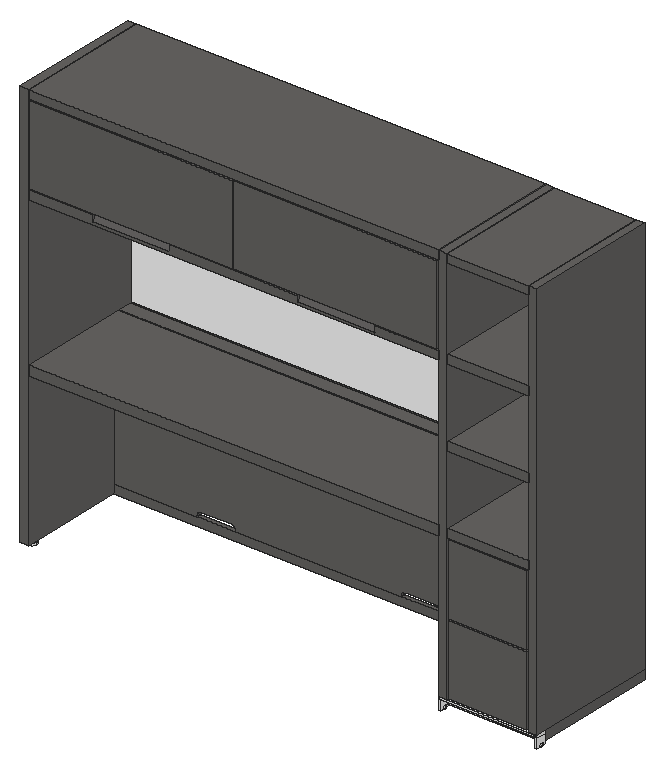
Revit family "Storage-Wall-Teknion-ZXRO_74_High_With_Lights-R2011", category Furniture Systems, Revit 2013
Parameters (values of type "(See Type Catalog)")
  Working Wall Finish [instance] = Glass - Teknion - K6 - White Backpainted
  Width = 92.642"
  Warranty = "http://www.teknionstudio.com/pdfs/Teknion%20Studio%20Warranty.pdf"
  Wall Unit Finish [instance] = Veneer - Teknion - P7 - Grey Oak
  Voltage = 120 V
  Unit Weight = 685.00 lbf
  URL = "www.teknionstudio.com"
  Storage Tower = Storage-Unit-Teknion-Tower : Upper Shelves & File/File Pedestal
  Series = "B&B Italia"
  Product Page URL = "http://www.teknionstudio.com/acexecutive/"
  Product Line = "AC Executive"
  Product Documentation Link = "http://www.teknionstudio.com/pricing/ac_executive_storage_walls_ppg.pdf"
  Power Factor = 1
  Part Number = "ZXRO"
  Number of Poles = 1
  Model = ""
  Manufacturer Phone = "919-464-2920"
  Manufacturer Fax = "919-464-2927"
  Manufacturer Email = "customersupport@teknionstudio.com"
  Manufacturer Address = "3940 US 70 Business HWY West, Clayton, NC 27520"
  Manufacturer = "Teknion Studio"  # constant formula
  Low Emitting Material = yes
  Low Emitting Finish = yes
  Height = 73.81394"
  Description = ""
  Depth = 24"
  Assembly Code = "E2020200"
  Apparent Load = 22.8 VA
Reference planes (in)
  plane 1 "Center F/B": y = 0
  plane 2: z = 0
  plane 3 "Center L/R": x = 0
  plane 4 "Left": x = -46.321
  plane 5 "Right": x = 46.321
  plane 6 "Back": y = 12
  plane 7 "Front": y = -12
  plane 8 "Top": z = 73.81394
  plane 9: x = 28.60446
  plane 10: z = 29.68402
  plane 11: z = 56.1289
  plane 12: x = -44.7815
  plane 13: z = 2.1289
  plane 14: x = -8.08858
  plane 15 "Foot Centerline": y = -11.2126
  plane 16 "Foot Centerline Front": y = -10.22835
  plane 17 "Foot Centerline Back": y = 10.22835
  plane 18: y = -8.484
Forms (in)
  Sweep 1, solid, material "Veneer - Teknion - P7 - Grey Oak" <- "Wall Unit Finish"
    path origin (0, 0, 15.40683) x (-1, 0, 0) y (0, -1, 0)
      loop
        line (0, -12) -> (0, 12)
    profile origin (0, 0, 15.40683) x (1, 0, 0) y (0, 0, 1)
      loop
        line (-46.321, -14.81732) -> (-44.7815, -14.81732) -> (-44.7815, 58.4071) -> (-46.321, 58.4071) -> (-46.321, -14.81732)
  Sweep 2, solid, material "Veneer - Teknion - P7 - Grey Oak" <- "Wall Unit Finish"
    path origin (0, 0, 0) x (1, 0, 0) y (0, 0, 1)
      loop
        line (-44.7815, 29.68402) -> (28.60446, 29.68402)
    profile origin (-8.08852, 0, 29.68402) x (0, 0, 1) y (0, -1, 0)
      loop
        line (0, 12) -> (-1.7638, 12) -> (-1.7638, -7.11393) -> (-5.30827, -7.11393) -> (-5.30827, -7.08268) -> (-27.55512, -7.08268) -> (-27.55512, -7.11393) -> (-29.0945, -7.11393) -> (-29.0945, -7.80668) -> (-5.30828, -7.80668) -> (-5.30828, -12) -> (44.12992, -12) -> (44.12992, 12) -> (42.59022, 12) -> (42.59022, 11.2126) -> (27.98392, 11.2126) -> (27.98392, 12) -> (26.44488, 12) -> (26.44488, -10.94094) -> (0, -10.94094) -> (0, -10.90969) -> (-0.72441, -10.90969) -> (-0.72441, -10.56693) -> (0, -10.56693) -> (0, -8.05709) -> (-0.72441, -8.05709) -> (-0.72441, -7.80709) -> (0, -7.80709) -> (0, 12)
  Sweep 3, solid, material "Veneer - Teknion - P7 - Grey Oak" <- "Wall Unit Finish"
    path origin (0, 0, 15.40683) x (-1, 0, 0) y (0, -1, 0)
      loop
        line (0, 12) -> (0, 11.276)
    profile origin (0, -11.638, 15.40683) x (-1, 0, 0) y (0, 0, 1)
      loop
        line (44.5315, 42.5111) -> (44.5315, 56.6174) -> (8.21358, 56.6174) -> (8.21358, 42.5111) -> (44.5315, 42.5111)
      loop
        line (7.96358, 56.6174) -> (-28.35446, 56.6174) -> (-28.35446, 42.5111) -> (7.96358, 42.5111) -> (7.96358, 56.6174)
  Sweep 4, void
    path origin (0, 0, 0) x (1, 0, 0) y (0, 0, 1)
      loop
        line (-33.3248, 56.1289) -> (-19.54528, 56.1289)
    profile origin (-26.43504, 0, 56.1289) x (0, 0, 1) y (0, -1, 0)
      loop
        line (1.53937, 12) -> (0.43699, 12) -> (1.53937, 11.52755) -> (1.53937, 12)
  Sweep 5, void
    path origin (0, 0, 0) x (1, 0, 0) y (0, 0, 1)
      loop
        line (3.36811, 56.1289) -> (17.14764, 56.1289)
    profile origin (10.25787, 0, 56.1289) x (0, 0, 1) y (0, -1, 0)
      loop
        line (1.53937, 11.52755) -> (1.53937, 12) -> (0.43699, 12) -> (1.53937, 11.52755)
  Sweep 6, void
    path origin (0, 0, 15.40683) x (-1, 0, 0) y (0, -1, 0)
      loop
        line (0, -7.80668) -> (0, -7.08268)
    profile origin (0, 7.44468, 15.40683) x (1, 0, 0) y (0, 0, 1)
      loop
        line (13.68307, 8.96892) -> (6.79331, 8.96892) -> (6.79331, 8.10396)
        arc (6.79331, 8.10396) -> (7.02393, 7.54718) -> (7.58071, 7.31655) r 0.7874
        line (7.58071, 7.31655) -> (12.89567, 7.31655)
        arc (12.89567, 7.31655) -> (13.45245, 7.54718) -> (13.68307, 8.10396) r 0.7874
        line (13.68307, 8.10396) -> (13.68307, 8.96892)
      loop
        line (6.79331, -13.27793) -> (13.68307, -13.27793) -> (13.68307, -13.12045)
        arc (13.68307, -13.12045) -> (13.46398, -12.59152) -> (12.93504, -12.37242) r 0.74803
        line (12.93504, -12.37242) -> (7.54134, -12.37242)
        arc (7.54134, -12.37242) -> (7.0124, -12.59152) -> (6.79331, -13.12045) r 0.74803
        line (6.79331, -13.12045) -> (6.79331, -13.27793)
      loop
        line (-29.86024, 8.96892) -> (-29.86024, 8.10396)
        arc (-29.86024, 8.10396) -> (-29.62961, 7.54718) -> (-29.07283, 7.31655) r 0.7874
        line (-29.07283, 7.31655) -> (-23.75787, 7.31655)
        arc (-23.75787, 7.31655) -> (-23.2011, 7.54718) -> (-22.97047, 8.10396) r 0.7874
        line (-22.97047, 8.10396) -> (-22.97047, 8.96892) -> (-29.86024, 8.96892)
      loop
        line (-22.97047, -13.27793) -> (-22.97047, -13.12045)
        arc (-22.97047, -13.12045) -> (-23.18957, -12.59152) -> (-23.7185, -12.37242) r 0.74803
        line (-23.7185, -12.37242) -> (-29.1122, -12.37242)
        arc (-29.1122, -12.37242) -> (-29.64114, -12.59152) -> (-29.86024, -13.12045) r 0.74803
        line (-29.86024, -13.12045) -> (-29.86024, -13.27793) -> (-22.97047, -13.27793)
  Revolve 7, solid, material "Metal - Teknion - C6 - Chrome"
    sketch origin (0, -10.22835, 0) x (0, 0, 1) y (1, 0, 0)
      loop
        line (0, -45.55118) -> (0, -46.28917) -> (0.23622, -46.28917) -> (0.23622, -45.83352) -> (0.58951, -45.83352) -> (0.58951, -45.55118) -> (0, -45.55118)
      axis (0, -45.55118) -> (0.58951, -45.55118)
    angle from 0 to 360
  Revolve 8, solid, material "Metal - Teknion - C6 - Chrome"
    sketch origin (0, 10.22835, 0) x (0, 0, 1) y (1, 0, 0)
      loop
        line (0, -45.55118) -> (0, -46.28917) -> (0.23622, -46.28917) -> (0.23622, -45.83352) -> (0.58951, -45.83352) -> (0.58951, -45.55118) -> (0, -45.55118)
      axis (0, -45.55118) -> (0.58951, -45.55118)
    angle from 0 to 360
Cuts and joins
  Sweep 4, Sweep 5, Sweep 6 cuts Sweep 2
Lines and regions (in)
  Masking region 1
    outline origin (0, 0, 15.40683) x (-1, 0, 0) y (0, -1, 0)
      loop
        line (46.321, -12) -> (46.321, 12) -> (-28.60446, 12) -> (-28.60446, -12) -> (46.321, -12)
  symbolic lines, style "Elevation Swing"
    curve 1: line (-44.7815, -12, 57.66827) -> (-26.43504, -12, 72.02424)
    curve 2: line (-8.08858, -12, 57.66832) -> (-26.43504, -12, 72.02424)
    curve 3: line (-8.08858, 0, 57.66832) -> (10.25794, 0, 72.19583)
    curve 4: line (10.25794, 0, 72.19583) -> (28.60446, 0, 57.66827)
  symbolic lines, detail levels medium+fine
    curve 5: line (-44.7815, 12, 15.40683) -> (-44.7815, -12, 15.40683)
  symbolic lines, style "FurnitureSystemsHiddenLines", detail levels fine
    curve 6: line (28.60446, -11.276, 15.40683) -> (-44.7815, -11.276, 15.40683)
Dimensions and locks (in)
  equal spacing: plane 4 "Left", plane 3 "Center L/R", plane 5 "Right"
  "Width": plane 4 "Left" to plane 5 "Right"
  equal spacing: plane 6 "Back", plane 1 "Center F/B", plane 7 "Front"
  "Depth": plane 6 "Back" to plane 7 "Front"
  locked: plane 9 to plane 5 "Right" at 17.71654
  "Height": plane 8 "Top" to plane 2
  locked: plane 10 to plane 2 at 29.68402
  locked: plane 11 to plane 10 at 26.44488
  locked: plane 13 to plane 2 at 2.1289
  locked: plane 7 "Front" to plane 15 "Foot Centerline" at 0.7874
  locked: plane 13 to Sweep 2 sketch curve at 1.53939
  locked: plane 10 to Sweep 2 sketch curve at 1.7638
  locked: Sweep 1 sketch curve to plane 2 at 0.58951
  locked: plane 14 to plane 3 "Center L/R" at 8.08858
  locked: plane 7 "Front" to Sweep 3 sketch curve at 0.724
  plane 8 "Top" to Sweep 3 sketch curve to Sweep 3 sketch curve = 1.7897", 14.1063"  (x2)
  Sweep 3 sketch curve to plane 3 "Center L/R" to Sweep 3 sketch curve to Sweep 3 sketch curve to Sweep 3 sketch curve = 28.35446", 7.96358", 1/4", 36.31791"
  Sweep 4 sketch curve to Sweep 4 sketch curve to plane 4 "Left" = 13.77953" locked, 12.9962" locked
  locked: Sweep 4 sketch curve to plane 11 at 1.53937
  locked: Sweep 4 sketch curve to plane 11 at 0.43699
  locked: plane 7 "Front" to Sweep 4 sketch curve at 0.47245
  Sweep 5 sketch curve to Sweep 5 sketch curve to plane 11 = 1.10238" locked, 0.43699" locked
  locked: plane 7 "Front" to Sweep 5 sketch curve at 0.47245
  locked: Sweep 6 sketch curve to plane 13 at 0.90551  (x2)
  Sweep 6 sketch curve to Sweep 6 sketch curve to plane 3 "Center L/R" = 6.88976" locked, 6.79331" locked  (x2)
  plane 10 to Sweep 6 sketch curve to Sweep 6 sketch curve = 5.30827" locked, 1 167/256" locked  (x2)
  plane 6 "Back" to Sweep 6 sketch curve to Sweep 6 sketch curve = 4.19332" locked, 0.724" locked
  locked: Revolve 7 sketch curve to plane 4 "Left" at 0.76982
  Revolve 7 sketch curve to Revolve 7 sketch curve to plane 2 = 0.35329" locked, 0.23622" locked
  locked: Revolve 7 sketch curve to plane 4 "Left" at 0.03183
  locked: Revolve 8 sketch curve to plane 4 "Left" at 0.76982
  Revolve 8 sketch curve to Revolve 8 sketch curve to plane 2 = 0.35329" locked, 0.23622" locked
  locked: Revolve 8 sketch curve to plane 4 "Left" at 0.03183
  equal spacing: plane 14, curve 2, plane 12
  equal spacing: plane 9, curve 4, plane 14
  locked: plane 7 "Front" to curve 6 at 0.724
  locked: plane 6 "Back" to plane 17 "Foot Centerline Back" at 1.77165
  locked: plane 7 "Front" to plane 16 "Foot Centerline Front" at 1.77165
  locked: plane 4 "Left" to plane 12 at 1.5395
  locked: plane 7 "Front" to plane 18 at 3.516
  locked: Sweep 6 sketch curve to Sweep 6 sketch curve at 6.88976  (x2)
  locked: Sweep 6 sketch curve to plane 3 "Center L/R" at 22.97047
  locked: plane 3 "Center L/R" to Sweep 6 sketch curve at 22.97047
  aligned and locked: level to plane 2
  aligned and locked: nested 1 to plane 5 "Right"
  aligned and locked: plane 6 "Back" to Sweep 1 sketch curve
  aligned and locked: plane 7 "Front" to Sweep 1 sketch curve
  aligned and locked: Sweep 1 sketch curve to plane 3 "Center L/R"
  aligned and locked: Sweep 1 sketch curve to plane 8 "Top"
  aligned and locked: plane 4 "Left" to Sweep 1 sketch curve  (x2)
  aligned and locked: plane 12 to Sweep 2 sketch curve
  aligned and locked: plane 9 to Sweep 2 sketch curve
  aligned and locked: Sweep 2 sketch curve to plane 10  (x4)
  aligned and locked: Sweep 2 sketch curve to plane 7 "Front"
  aligned and locked: plane 6 "Back" to Sweep 2 sketch curve
  aligned and locked: plane 3 "Center L/R" to Sweep 3 sketch curve
  aligned and locked: plane 7 "Front" to Sweep 3 sketch curve
  aligned and locked: Sweep 2 sketch curve to plane 11
  aligned and locked: Sweep 4 sketch curve to plane 11
  aligned and locked: Sweep 5 sketch curve to plane 11
  aligned and locked: Sweep 5 sketch curve to plane 7 "Front"
  aligned and locked: Sweep 6 sketch curve to plane 3 "Center L/R"
  aligned and locked: Sweep 6 sketch curve to plane 13
  aligned and locked: plane 2 to Revolve 7 sketch curve
  aligned and locked: Revolve 8 sketch curve to plane 2
  aligned and locked: plane 12 to curve 1
  aligned and locked: plane 14 to curve 2
  aligned and locked: Sweep 3 to curve 2
  aligned and locked: plane 9 to curve 4
  aligned and locked: plane 14 to curve 3
  aligned and locked: Masking region 1 sketch curve to plane 6 "Back"
  aligned and locked: plane 4 "Left" to Masking region 1 sketch curve
  aligned and locked: Masking region 1 sketch curve to plane 7 "Front"
  aligned and locked: Masking region 1 sketch curve to nested 1
  aligned and locked: plane 6 "Back" to curve 5
  aligned and locked: plane 7 "Front" to curve 5
  aligned and locked: curve 5 to plane 12
  aligned and locked: plane 9 to curve 6
  aligned and locked: plane 7 "Front" to Sweep 4 sketch curve
  aligned and locked: Sweep 2 sketch curve to plane 8 "Top"
  aligned and locked: plane 15 "Foot Centerline" to Sweep 2 sketch curve
  aligned and locked: plane 7 "Front" to Sweep 2 sketch curve  (x2)
  aligned and locked: plane 2 to nested 1
  aligned and locked: plane 1 "Center F/B" to nested 1
  aligned: plane 11 to nested 2
  aligned: plane 14 to nested 2
  aligned and locked: nested 2 to plane 18
  aligned and locked: plane 11 to nested 2
  aligned and locked: plane 14 to nested 2
  aligned and locked: plane 13 to Sweep 6 sketch curve
Automatic sketch dimensions
  Sweep 1 sketch curve to Sweep 1 sketch curve = 1.5395"
  plane 3 "Center L/R" to Sweep 5 sketch curve = 3.36811"
  Sweep 5 sketch curve to plane 9 = 11.45683"
  Revolve 7 sketch curve to level = 0"
  Revolve 7 sketch curve to Revolve 7 sketch curve = 0"  (x2)
  Revolve 7 sketch curve to Revolve 7 sketch curve = 0.28234"
  Revolve 8 sketch curve to level = 0"
  Revolve 8 sketch curve to Revolve 8 sketch curve = 0"  (x2)
  Revolve 8 sketch curve to Revolve 8 sketch curve = 0.28234"
  plane 11 to curve 2 = 1.53942"
  plane 11 to curve 1 = 1.53937"
  plane 11 to curve 4 = 1.53937"
  plane 11 to curve 3 = 1.53942"
  curve 3 to plane 8 "Top" = 1.61811"
  Sweep 2 sketch curve to Sweep 2 sketch curve = 1.53939"
  profile plane to Sweep 2 sketch curve = 5.30828"
  Sweep 2 sketch curve to Sweep 2 sketch curve = 0"
  Sweep 2 sketch curve to Sweep 2 sketch curve = 0.72441"  (x2)
  Sweep 2 sketch curve to Sweep 2 sketch curve = 1.5397"
  Sweep 2 sketch curve to Sweep 2 sketch curve = 1.05906"
  Sweep 2 sketch curve to Sweep 2 sketch curve = 1/32"  (x2)
  Sweep 2 sketch curve to Sweep 2 sketch curve = 0.34277"
  Sweep 2 sketch curve to Sweep 2 sketch curve = 2.50984"
  Sweep 2 sketch curve to Sweep 2 sketch curve = 1/4"
  Sweep 2 sketch curve to plane 1 "Center F/B" = 7.80668"
  Sweep 2 sketch curve to Sweep 2 sketch curve = 0.69316"
  Sweep 2 sketch curve to Sweep 2 sketch curve = 0.69275"
  Sweep 2 sketch curve to Sweep 2 sketch curve = 1.53904"
  Sweep 6 sketch curve to Sweep 6 sketch curve = 0.7874"  (x4)
  Sweep 6 sketch curve to Sweep 6 sketch curve = 0.74803"  (x3)
  Sweep 6 sketch curve to Sweep 6 sketch curve = 0.15748"
Nested families (in)
  nested 1: "Storage-Unit-Teknion-Tower" at (37.46273, 0, 0), type <- "Storage Tower", Height <- "Height", type "Upper Shelves & File/File Pedestal"
    with Height 73.81394", Has Top Shelf no, Bottom Drawer Height 13.047", Has Left Leg yes
  nested 2: "Lighting-Teknion-Storage_Wall" at (-8.08858, 0.12401, 56.1289), type "Lighting-Teknion-Storage_Wall"
Connectors (in)
  electrical at (-8.08852, 12, 49.09483), driven by "Number of Poles", driven by "Voltage", driven by "Apparent Load", driven by "Power Factor"
    settings: on cut or joined group of Sweep 2, Sweep 4, Sweep 5, Sweep 6, index 1, voltage 120 V, apparent load 0 VA, apparent load phase1 22.8 VA, apparent load phase2 0 VA, apparent load phase3 0 VA, power factor 1, load classification "Other", number of poles 1, system type 31, power factor state 1, is connector primary yes, connector utility no, sub classification motor no, connector description "Electrical Connector"
Definition of nested family "Storage-Unit-Teknion-Tower"
  Parameters (values of type "Upper Wardrobe & Lower Door")
    Width = 17.71654"
    Warranty = "http://www.teknionstudio.com/pdfs/Teknion%20Studio%20Warranty.pdf"
    Wall Unit Finish = Veneer - Teknion - P8 - Light Brushed Oak
    URL = "www.teknionstudio.com"
    Series = "B&B Italia"  # constant formula
    Product Line = "AC Executive"  # constant formula
    Model = ""
    Middle Drawer Height = if(Has Top Drawer, 6.425", 12.719")  # 12.719"
    Manufacturer Phone = "919-464-2920"
    Manufacturer Fax = "919-464-2927"
    Manufacturer Email = "customersupport@teknionstudio.com"
    Manufacturer Address = "3940 US 70 Business HWY West, Clayton, NC 27520"
    Manufacturer = "Teknion Studio"  # constant formula
    Height [instance] = 73.81394"
    Has Top Shelf [instance] = and(Height > 75", Has Shelves)  # no
    Has Top Drawer = no
    Has Top Door = yes
    Has Shelves = no
    Has Right Leg = yes
    Has Middle Drawer = no
    Has Lower Shelf = yes
    Has Left Leg = no
    Has Full Wardrobe Door = no
    Has Doors = yes
    Door Projection Symbol = yes
    Description = "Tower Storage Unit"
    Depth = 24"
    Bottom Drawer Height [instance] = if(Has Middle Drawer, 13.047", if(Has Top Drawer, 13.047", if(Has Full Wardrobe Door, (Height - 3.668"), 26.016")))  # 26.016"
    Assembly Code = "E2010200"
  Types (7): name | Middle Drawer Height | Has Top Drawer | Has Top Door | Has Shelves | Has Middle Drawer | Has Lower Shelf | Has Full Wardrobe Door | Has Doors | Door Projection Symbol | Bottom Drawer Height
    Upper Shelves & Lower Door | 12.719" | no | no | yes | no | yes | no | yes | yes | 26.016"
    Upper Shelves & File/File Pedestal | 12.719" | no | no | yes | yes | yes | no | no | no | 13.047"
    Upper Shelves & Box/Box/File Pedestal | 6.425" | yes | no | yes | yes | yes | yes | no | no | 13.047"
    Full Wardrobe | 12.719" | no | no | no | no | no | yes | yes | yes | 70.14594"
    Upper Wardrobe & Lower Door | 12.719" | no | yes | no | no | yes | no | yes | yes | 26.016"
    Upper Wardrobe & File/File Pedestal | 12.719" | no | yes | no | yes | yes | no | no | yes | 13.047"
    Upper Wardrobe & Box/Box/File Pedestal | 6.425" | yes | yes | no | yes | yes | no | no | yes | 13.047"
  Reference planes (in)
    plane 1 "Center F/B": y = 0
    plane 2: z = 0
    plane 3 "Center L/R": x = 0
    plane 4 "Left": x = -8.85827
    plane 5 "Right": x = 8.85827
    plane 6 "Back": y = 12
    plane 7 "Front": y = -12
    plane 8 "Top": z = 73.81394
    plane 9: x = -7.3189
    plane 10: x = 7.3189
    plane 11: z = 2.1289
    plane 12 "Foot Centerline": y = -11.2126
    plane 13: z = 29.68402
    plane 14 "Drawer 1 Top": z = 28.1449
    plane 15 "Drawer 2 Top": z = 40.8639
    plane 16 "Drawer 3 Top": z = 27.89502
    plane 17: z = 42.13677
  Forms (in)
    Sweep 1, solid, material "Metal - Teknion - C6 - Chrome", visible <- "Has Left Leg"
      path origin (0, -12, 0) x (1, 0, 0) y (0, 0, 1)
        loop
          line (-8.85827, 1.7349) -> (-8.85827, 0.05803)
      profile origin (-8.85827, -12, 0.89646) x (0, -1, 0) y (1, 0, 0)
        loop
          line (-1.5748, 0) -> (0, 0) -> (0, 0.394) -> (-1.5748, 0.394) -> (-1.5748, 0)
    Sweep 2, solid, material "Metal - Teknion - C6 - Chrome"
      path origin (0, -12, 0) x (1, 0, 0) y (0, 0, 1)
        loop
          line (-8.85827, 2.1289) -> (8.46427, 2.1289)
      profile origin (-0.197, -12, 2.1289) x (0, 0, 1) y (0, -1, 0)
        loop
          line (-0.394, -1.5748) -> (-0.394, -1.3778) -> (-1.575, -1.3778) -> (-1.575, -1.5748) -> (-0.394, -1.5748)
    Revolve 3, solid, material "Metal - Teknion - C6 - Chrome"
      sketch origin (0, -11.2126, 0) x (0, 0, -1) y (1, 0, 0)
        loop
          line (-0.4911, 8.32677) -> (-0.45173, 8.2874) -> (-0.28492, 8.2874) -> (-0.24555, 8.32677) -> (-0.20618, 8.2874) -> (-0.03937, 8.2874) -> (0, 8.32677) -> (0, 8.66142) -> (-0.4911, 8.66142) -> (-0.4911, 8.32677)
        axis (0, 8.66142) -> (-0.4911, 8.66142)
      angle from 0 to 360
    Revolve 4, solid, material "Metal - Teknion - C6 - Chrome", visible <- "Has Left Leg"
      sketch origin (0, -11.2126, 0) x (0, 0, -1) y (1, 0, 0)
        loop
          line (0, -8.99606) -> (0, -8.66142) -> (-0.4911, -8.66142) -> (-0.4911, -8.99606) -> (-0.45173, -9.03543) -> (-0.28492, -9.03543) -> (-0.24555, -8.99606) -> (-0.20618, -9.03543) -> (-0.03937, -9.03543) -> (0, -8.99606)
        axis (0, -8.66142) -> (-0.4911, -8.66142)
      angle from 0 to 360
    Sweep 5, solid, material "Veneer - Teknion - P8 - Light Brushed Oak" <- "Wall Unit Finish"
      path origin (0, 0, 0) x (1, 0, 0) y (0, 0, 1)
        loop
          line (0, 2.1289) -> (0, 73.81394)
      profile origin (0, 0, 37.97142) x (-1, 0, 0) y (0, -1, 0)
        loop
          line (8.85827, -12) -> (8.85827, 12) -> (7.3189, 12) -> (7.3189, -12) -> (8.85827, -12)
        loop
          line (-7.3189, 12) -> (-8.85827, 12) -> (-8.85827, -12) -> (-7.3189, -12) -> (-7.3189, 12)
    Sweep 6, solid, material "Veneer - Teknion - P8 - Light Brushed Oak" <- "Wall Unit Finish"
      path origin (0, 0, 15.40683) x (-1, 0, 0) y (0, -1, 0)
        loop
          line (0, -12) -> (0, 12)
      profile origin (0, 0, 15.40683) x (1, 0, 0) y (0, 0, 1)
        loop
          line (-7.3189, 58.4071) -> (-7.3189, 56.86773) -> (7.3189, 56.86773) -> (7.3189, 58.4071) -> (-7.3189, 58.4071)
    Sweep 7, solid, material "Veneer - Teknion - P8 - Light Brushed Oak" <- "Wall Unit Finish"
      path origin (0, -12, 0) x (1, 0, 0) y (0, 0, 1)
        loop
          line (0, 2.1289) -> (0, 72.27457)
      profile origin (0, -12, 37.20173) x (-1, 0, 0) y (0, -1, 0)
        loop
          line (7.3189, -24) -> (7.3189, -23.25) -> (-7.3189, -23.25) -> (-7.3189, -24) -> (7.3189, -24)
    Sweep 8, solid, material "Veneer - Teknion - P8 - Light Brushed Oak" <- "Wall Unit Finish", visible <- "Has Lower Shelf"
      path origin (0, -12, 0) x (1, 0, 0) y (0, 0, 1)
        loop
          line (-7.3189, 29.68402) -> (7.3189, 29.68402)
      profile origin (0, -12, 29.68402) x (0, 0, 1) y (0, -1, 0)
        loop
          line (0, 0) -> (-1.539, 0) -> (-1.539, -0.724) -> (-27.55512, -0.724) -> (-27.55512, -23.25) -> (0, -23.25) -> (0, 0)
    Sweep 9, solid, material "Veneer - Teknion - P8 - Light Brushed Oak" <- "Wall Unit Finish"
      path origin (0, -12, 0) x (1, 0, 0) y (0, 0, 1)
        loop
          line (0, 2.3789) -> (0, 27.8949)
      profile origin (0, -12, 15.1369) x (-1, 0, 0) y (0, -1, 0)
        loop
          line (7.0689, -0.724) -> (7.0689, 0) -> (-7.0689, 0) -> (-7.0689, -0.724) -> (7.0689, -0.724)
    Sweep 10, solid, material "Veneer - Teknion - P8 - Light Brushed Oak" <- "Wall Unit Finish", visible <- "Has Middle Drawer"
      path origin (0, -12, 0) x (1, 0, 0) y (0, 0, 1)
        loop
          line (0, 28.1449) -> (0, 40.8639)
      profile origin (0, -12, 34.5044) x (-1, 0, 0) y (0, -1, 0)
        loop
          line (7.0689, -0.724) -> (7.0689, 0) -> (-7.0689, 0) -> (-7.0689, -0.724) -> (7.0689, -0.724)
    Sweep 11, solid, material "Veneer - Teknion - P8 - Light Brushed Oak" <- "Wall Unit Finish", visible <- "Has Top Drawer"
      path origin (0, -12, 0) x (1, 0, 0) y (0, 0, 1)
        loop
          line (0, 47.15802) -> (0, 41.1139)
      profile origin (0, -12, 44.13596) x (0, -1, 0) y (1, 0, 0)
        loop
          line (0, 7.0689) -> (-0.724, 7.0689) -> (-0.724, -7.0689) -> (0, -7.0689) -> (0, 7.0689)
    Sweep 12, solid, material "Veneer - Teknion - P8 - Light Brushed Oak" <- "Wall Unit Finish", visible <- "Has Shelves"
      path origin (0, -12, 0) x (1, 0, 0) y (0, 0, 1)
        loop
          line (0, 42.13677) -> (0, 43.67614)
      profile origin (0, -12, 42.90646) x (-1, 0, 0) y (0, -1, 0)
        loop
          line (7.3189, -23.25) -> (7.3189, 0) -> (-7.3189, 0) -> (-7.3189, -23.25) -> (7.3189, -23.25)
    Sweep 13, solid, material "Veneer - Teknion - P8 - Light Brushed Oak" <- "Wall Unit Finish", visible <- "Has Shelves"
      path origin (0, -12, 13.9918) x (1, 0, 0) y (0, 0, 1)
        loop
          line (0, 42.13677) -> (0, 43.67614)
      profile origin (0, -12, 56.89825) x (-1, 0, 0) y (0, -1, 0)
        loop
          line (7.3189, -23.25) -> (7.3189, 0) -> (-7.3189, 0) -> (-7.3189, -23.25) -> (7.3189, -23.25)
    Sweep 14, solid, material "Veneer - Teknion - P8 - Light Brushed Oak" <- "Wall Unit Finish", visible <- "Has Top Door"
      path origin (0, -12, 0) x (1, 0, 0) y (0, 0, 1)
        loop
          line (0, 29.93402) -> (0, 72.02457)
      profile origin (0, -12, 50.97929) x (-1, 0, 0) y (0, -1, 0)
        loop
          line (7.0689, -0.724) -> (7.0689, 0) -> (-7.0689, 0) -> (-7.0689, -0.724) -> (7.0689, -0.724)
    Sweep 15, solid, material "Veneer - Teknion - P8 - Light Brushed Oak" <- "Wall Unit Finish"
      path origin (0, -12, 0) x (1, 0, 0) y (0, 0, 1)
        loop
          line (-8.85827, 2.1289) -> (8.85827, 2.1289)
      profile origin (0, -12, 2.1289) x (0, 0, 1) y (0, -1, 0)
        loop
          line (0, -1.5748) -> (-1.53937, -1.5748) -> (-1.53937, -24) -> (0, -24) -> (0, -1.5748)
    Sweep 16, solid, material "Veneer - Teknion - P8 - Light Brushed Oak" <- "Wall Unit Finish", visible <- "Has Top Shelf"
      path origin (0, 0, 0) x (1, 0, 0) y (0, 0, 1)
        loop
          line (0, 73.81394) -> (0, 72.27457)
      profile origin (0, 0, 73.04425) x (0, -1, 0) y (1, 0, 0)
        loop
          line (-11.25, -7.3189) -> (12, -7.3189) -> (12, 7.3189) -> (-11.25, 7.3189) -> (-11.25, -7.3189)
    Sweep 17, solid, material "Metal - Teknion - C6 - Chrome"
      path origin (0, 0, 0) x (1, 0, 0) y (0, 0, 1)
        loop
          line (-8.85827, 2.1289) -> (8.85827, 2.1289)
      profile origin (0, 0, 2.1289) x (0, 0, 1) y (0, -1, 0)
        loop
          line (0, 10.4252) -> (0, 12) -> (-0.394, 12) -> (-0.394, 10.4252) -> (0, 10.4252)
    Sweep 18, solid, material "Metal - Teknion - C6 - Chrome"
      path origin (0, 0, 0) x (1, 0, 0) y (0, 0, 1)
        loop
          line (8.85827, 1.7349) -> (8.85827, 0.05803)
      profile origin (8.85827, 0, 0.89646) x (0, -1, 0) y (1, 0, 0)
        loop
          line (10.4252, -0.394) -> (12, -0.394) -> (12, 0) -> (10.4252, 0) -> (10.4252, -0.394)
  Lines and regions (in)
    Masking region 1
      outline origin (0, 0, 15.40683) x (-1, 0, 0) y (0, -1, 0)
        loop
          line (8.85827, -12) -> (8.85827, 12) -> (-8.85827, 12) -> (-8.85827, -12) -> (8.85827, -12)
    symbolic lines, style "FurnitureSystems", detail levels medium+fine
      curve 1: line (-7.3189, 12, 15.40683) -> (-7.3189, -12, 15.40683)
      curve 2: line (7.3189, 12, 15.40683) -> (7.3189, -12, 15.40683)
    symbolic lines, style "FurnitureSystemsHiddenLines", detail levels fine
      curve 3: line (-7.3189, -11.276, 15.40683) -> (7.3189, -11.276, 15.40683)
    symbolic lines, style "Elevation Swing", visible <- "Has Doors"
      curve 4: line (-7.3189, -12, 2.1289) -> (7.3189, -12, 15.1369)
      curve 5: line (7.3189, -12, 15.1369) -> (-7.3189, -12, 28.1449)
    symbolic lines, style "Elevation Swing", visible <- "Has Top Door"
      curve 6: line (-7.3189, -12, 29.68402) -> (7.3189, -12, 50.97929)
      curve 7: line (7.3189, -12, 50.97929) -> (-7.3189, -12, 72.27457)
    symbolic lines, style "FurnitureSystems", visible <- "Door Projection Symbol"
      curve 8: arc (-7.3189, -12, 0) -> (-3.03159, -22.35048, 0) -> (7.3189, -26.6378, 0) r 14.6378
    symbolic lines, visible <- "Door Projection Symbol"
      curve 9: line (7.3189, -12, 15.40683) -> (7.3189, -26.6378, 15.40683)
  Dimensions and locks (in)
    equal spacing: plane 4 "Left", plane 3 "Center L/R", plane 5 "Right"
    "Width": plane 4 "Left" to plane 5 "Right"
    equal spacing: plane 6 "Back", plane 1 "Center F/B", plane 7 "Front"
    "Depth": plane 6 "Back" to plane 7 "Front"
    locked: plane 4 "Left" to plane 9 at 1.53937
    locked: plane 10 to plane 5 "Right" at 1.53937
    "Height": plane 8 "Top" to level
    locked: Sweep 1 sketch curve to level at 0.05803
    locked: plane 11 to plane 2 at 2.1289
    plane 11 to Sweep 2 sketch curve to Sweep 2 sketch curve = 0.394" locked, 1.181" locked
    plane 7 "Front" to Sweep 2 sketch curve to Sweep 2 sketch curve = 1.3778" locked, 0.197" locked
    locked: Revolve 3 sketch curve to plane 2 at 0.4911  (x2)
    locked: plane 5 "Right" to Revolve 3 sketch curve at 0.57087
    locked: plane 7 "Front" to plane 12 "Foot Centerline" at 0.7874
    Revolve 3 sketch curve to Revolve 3 sketch curve to Revolve 3 sketch curve to Revolve 3 sketch curve to plane 2 = 0.16681" locked, 0.07874" locked, 0.16681" locked, 0.03937" locked
    locked: Revolve 4 sketch curve to plane 2 at 0.4911  (x2)
    locked: Revolve 4 sketch curve to Revolve 4 sketch curve at 0.37402
    Revolve 4 sketch curve to Revolve 4 sketch curve to Revolve 4 sketch curve to Revolve 4 sketch curve to plane 2 = 0.16681" locked, 0.07874" locked, 0.16681" locked, 0.03937" locked
    locked: Revolve 4 sketch curve to plane 4 "Left" at 0.19685
    locked: plane 8 "Top" to Sweep 6 sketch curve at 1.53937
    locked: plane 8 "Top" to Sweep 7 sketch curve at 1.53937
    locked: plane 6 "Back" to Sweep 7 sketch curve at 0.75
    locked: plane 13 to plane 2 at 29.68402
    locked: plane 7 "Front" to Sweep 8 sketch curve at 0.724
    locked: plane 13 to Sweep 8 sketch curve at 1.539
    locked: plane 13 to plane 16 "Drawer 3 Top" at 1.789
    "Bottom Drawer Height": plane 14 "Drawer 1 Top" to plane 11
    "Middle Drawer Height": plane 15 "Drawer 2 Top" to plane 14 "Drawer 1 Top"
    locked: plane 14 "Drawer 1 Top" to Sweep 9 sketch curve at 0.25
    locked: plane 7 "Front" to Sweep 9 sketch curve at 0.724
    locked: Sweep 10 sketch curve to plane 12 "Foot Centerline" at 0.0634
    locked: plane 7 "Front" to Sweep 11 sketch curve at 0.724
    locked: plane 17 to plane 13 at 12.45276
    group 1 to group 2 = 0"  (x2)
    group 1 to group 2 = 13.9918"
    locked: Sweep 13 to plane 17 at 13.9918
    locked: plane 8 "Top" to Sweep 14 sketch curve at 1.78937
    locked: Sweep 14 sketch curve to plane 13 at 0.25
    locked: plane 7 "Front" to Sweep 14 sketch curve at 0.724
    locked: plane 11 to Sweep 15 sketch curve at 1.53937
    locked: plane 7 "Front" to Sweep 15 sketch curve at 1.5748
    equal spacing: Sweep 6, curve 7, plane 13
    equal spacing: plane 14 "Drawer 1 Top", curve 5, plane 11
    locked: plane 6 "Back" to Sweep 16 sketch curve at 0.75
    Sweep 16 sketch curve to Sweep 16 sketch curve to plane 2 = 1.53937" locked, 72.27457" locked
    locked: Sweep 9 sketch curve to plane 11 at 0.25
    locked: plane 9 to Sweep 9 sketch curve at 0.25
    locked: Sweep 9 sketch curve to plane 10 at 0.25
    locked: Sweep 11 sketch curve to plane 15 "Drawer 2 Top" at 0.25
    locked: plane 9 to Sweep 11 sketch curve at 0.25
    locked: Sweep 11 sketch curve to plane 10 at 0.25
    locked: Sweep 10 sketch curve to plane 10 at 0.25
    locked: plane 9 to Sweep 10 sketch curve at 0.25
    locked: Sweep 11 sketch curve to Sweep 11 sketch curve at 6.04412
    locked: Sweep 14 sketch curve to plane 10 at 0.25
    locked: plane 9 to Sweep 14 sketch curve at 0.25
    locked: plane 4 "Left" to Sweep 1 sketch curve at 0.394
    locked: plane 7 "Front" to Sweep 1 sketch curve at 1.5748
    locked: plane 11 to Sweep 1 sketch curve at 0.394
    locked: Sweep 17 sketch curve to plane 7 "Front" at 1.5748
    locked: plane 11 to Sweep 17 sketch curve at 0.394
    locked: Sweep 18 sketch curve to plane 2 at 0.05803
    locked: Sweep 18 sketch curve to plane 5 "Right" at 0.394
    locked: plane 7 "Front" to Sweep 18 sketch curve at 1.5748
    locked: plane 11 to Sweep 18 sketch curve at 0.394
    locked: plane 5 "Right" to Sweep 2 sketch curve at 0.394
    aligned and locked: level to plane 2
    aligned and locked: Sweep 1 sketch curve to plane 4 "Left"
    aligned and locked: Sweep 2 sketch curve to plane 11
    aligned and locked: plane 2 to Revolve 3 sketch curve
    aligned and locked: Revolve 3 sketch curve to plane 2
    aligned and locked: plane 2 to Revolve 4 sketch curve
    aligned and locked: Revolve 4 sketch curve to plane 2
    aligned and locked: plane 8 "Top" to Sweep 5 sketch curve
    aligned and locked: plane 11 to Sweep 5 sketch curve
    aligned and locked: plane 3 "Center L/R" to Sweep 5 sketch curve
    aligned and locked: Sweep 5 sketch curve to plane 6 "Back"
    aligned and locked: plane 6 "Back" to Sweep 5 sketch curve
    aligned and locked: Sweep 5 sketch curve to plane 10
    aligned and locked: plane 5 "Right" to Sweep 5 sketch curve
    aligned and locked: Sweep 5 sketch curve to plane 9
    aligned and locked: plane 4 "Left" to Sweep 5 sketch curve
    aligned and locked: Sweep 5 sketch curve to plane 7 "Front"
    aligned and locked: plane 7 "Front" to Sweep 5 sketch curve
    aligned and locked: plane 6 "Back" to Sweep 6 sketch curve
    aligned and locked: plane 7 "Front" to Sweep 6 sketch curve
    aligned and locked: Sweep 6 sketch curve to plane 3 "Center L/R"
    aligned and locked: plane 9 to Sweep 6 sketch curve
    aligned and locked: Sweep 6 sketch curve to plane 8 "Top"
    aligned and locked: Sweep 6 sketch curve to plane 10
    aligned and locked: plane 11 to Sweep 7 sketch curve
    aligned and locked: plane 3 "Center L/R" to Sweep 7 sketch curve
    aligned and locked: plane 9 to Sweep 7 sketch curve
    aligned and locked: Sweep 7 sketch curve to plane 10
    aligned and locked: Sweep 7 sketch curve to plane 6 "Back"
    aligned and locked: plane 9 to Sweep 8 sketch curve
    aligned and locked: plane 10 to Sweep 8 sketch curve
    aligned and locked: Sweep 8 sketch curve to plane 13  (x2)
    aligned and locked: plane 7 "Front" to Sweep 8 sketch curve
    aligned and locked: Sweep 8 sketch curve to plane 11
    aligned and locked: plane 3 "Center L/R" to Sweep 9 sketch curve
    aligned and locked: Sweep 9 sketch curve to plane 7 "Front"
    aligned and locked: plane 15 "Drawer 2 Top" to Sweep 10 sketch curve
    aligned and locked: plane 14 "Drawer 1 Top" to Sweep 10 sketch curve
    aligned and locked: plane 3 "Center L/R" to Sweep 10 sketch curve
    aligned and locked: plane 7 "Front" to Sweep 10 sketch curve
    aligned and locked: Sweep 11 sketch curve to plane 3 "Center L/R"
    aligned and locked: Sweep 11 sketch curve to plane 7 "Front"
    aligned and locked: Sweep 13 to plane 9
    aligned and locked: plane 3 "Center L/R" to Sweep 14 sketch curve
    aligned and locked: Sweep 14 sketch curve to plane 7 "Front"
    aligned and locked: plane 4 "Left" to Sweep 15 sketch curve
    aligned and locked: plane 5 "Right" to Sweep 15 sketch curve
    aligned and locked: Sweep 15 sketch curve to plane 11  (x2)
    aligned and locked: Sweep 15 sketch curve to plane 6 "Back"
    aligned and locked: plane 4 "Left" to Masking region 1 sketch curve
    aligned and locked: Masking region 1 sketch curve to plane 6 "Back"
    aligned and locked: Masking region 1 sketch curve to plane 5 "Right"
    aligned and locked: Masking region 1 sketch curve to plane 7 "Front"
    aligned and locked: plane 6 "Back" to curve 1
    aligned and locked: curve 1 to plane 9
    aligned and locked: plane 7 "Front" to curve 2
    aligned and locked: plane 6 "Back" to curve 2
    aligned and locked: curve 2 to plane 10
    aligned and locked: plane 9 to curve 3
    aligned and locked: plane 10 to curve 3
    aligned and locked: curve 3 to Sweep 14
    aligned and locked: plane 11 to curve 4
    aligned and locked: plane 9 to curve 4
    aligned and locked: plane 10 to curve 5
    aligned and locked: plane 9 to curve 5
    aligned and locked: plane 14 "Drawer 1 Top" to curve 5
    aligned and locked: plane 13 to curve 6
    aligned and locked: plane 9 to curve 6
    aligned and locked: plane 9 to curve 7
    aligned and locked: curve 7 to Sweep 6
    aligned and locked: plane 7 "Front" to curve 8
    aligned and locked: curve 8 to plane 10
    aligned and locked: Sweep 16 sketch curve to plane 3 "Center L/R"
    aligned and locked: plane 9 to Sweep 16 sketch curve
    aligned and locked: Sweep 16 sketch curve to plane 10
    aligned and locked: Sweep 16 sketch curve to plane 7 "Front"
    aligned and locked: plane 4 "Left" to Sweep 17 sketch curve
    aligned and locked: plane 5 "Right" to Sweep 17 sketch curve
    aligned and locked: Sweep 17 sketch curve to plane 11  (x2)
    aligned and locked: Sweep 17 sketch curve to plane 7 "Front"
    aligned and locked: Sweep 18 sketch curve to plane 5 "Right"  (x2)
    aligned and locked: Sweep 18 sketch curve to plane 7 "Front"
    aligned and locked: plane 4 "Left" to Sweep 2 sketch curve
  Automatic sketch dimensions
    Revolve 3 sketch curve to Revolve 3 sketch curve = 0.03937"  (x3)
    Revolve 3 sketch curve to Revolve 3 sketch curve = 0"  (x2)
    Revolve 3 sketch curve to plane 5 "Right" = 0.19685"
    Revolve 4 sketch curve to Revolve 4 sketch curve = 0.03937"  (x3)
    Revolve 4 sketch curve to Revolve 4 sketch curve = 0"  (x2)
    Sweep 12 sketch curve to Sweep 12 sketch curve = 1.53937"
    profile plane to Sweep 12 sketch curve = 0"
    profile plane to Sweep 12 sketch curve = 7.3189"
    Sweep 12 sketch curve to profile plane = 7.3189"
    Sweep 12 sketch curve to profile plane = 23 1/4"
    Sweep 13 sketch curve to Sweep 13 sketch curve = 1.53937"
    profile plane to Sweep 13 sketch curve = 0"
    profile plane to Sweep 13 sketch curve = 7.3189"
    Sweep 13 sketch curve to profile plane = 7.3189"
    Sweep 13 sketch curve to profile plane = 23 1/4"
    Sweep 8 sketch curve to Sweep 8 sketch curve = 22.526"
    curve 7 to plane 10 = 0"
    curve 8 to plane 9 = 0"
    plane 7 "Front" to curve 1 = 0"
    plane 7 "Front" to curve 9 = 14.6378"
    Sweep 1 sketch curve to profile plane = 0"
    plane 7 "Front" to Sweep 1 sketch curve = 0"
Definition of nested family "Lighting-Teknion-Storage_Wall"
  Parameters (values of type "Lighting-Teknion-Storage_Wall")
    Wattage = 4.03926 W
    built-in parameter 1150110 = 1 (stored number, unit not read)
    built-in parameter 1114217 = 1 (stored number, unit not read)
    built-in parameter 1150109 = 1 (stored number, unit not read)
    built-in parameter 1150134 = 1
    built-in parameter 1150113 = 1 (stored number, unit not read)
    Offset From Reference Level = 0"
    Lumens = 600 lm
    built-in parameter 1150115 = 1 (stored number, unit not read)
    built-in parameter 1150105 = 190.99 (stored number, unit not read)
    Light Source Symbol Size = 3"
    built-in parameter 1150137 = (empty or 0)
    built-in parameter 1150139 = (empty or 0)
    built-in parameter 1150112 = 1 (stored number, unit not read)
    built-in parameter 1150114 = 1 (stored number, unit not read)
    built-in parameter 1150132 = 2
    built-in parameter 1150102 = (empty or 0)
    built-in parameter 1150138 = (empty or 0)
    built-in parameter 1150107 = 6500 (stored number, unit not read)
    built-in parameter 1150106 = 1.9099 (stored number, unit not read)
    Emit from Line Length = 68"
    built-in parameter 1150104 = 13.8 (stored number, unit not read)
    Dimming Lamp Color Temperature Shift = 1
    Default Elevation = 48"
    Color Filter = 16776172
    built-in parameter 1114218 = 1 (stored number, unit not read)
    built-in parameter 1150133 = 10 (stored number, unit not read)
    Assembly Code = ""
  Reference planes (in)
    plane 1 "Light Source Axis (F/B)": y = -8.60801
    plane 2: z = 0
    plane 3 "Light Source Axis (L/R)": x = 0
    plane 4 "Light Source Elevation": z = 0
    plane 5: z = 0
    plane 6: x = -36.6875
    plane 7: x = 36.6875
  Forms (in)
    Sweep 1, solid, material "Glass - Teknion - CL - Clear"
      path origin (0, 0, 0) x (1, 0, 0) y (0, 1, 0)
        loop
          line (-36.6875, -8.60801) -> (36.6875, -8.60801)
      profile origin (0, -8.60801, 0) x (0, 1, 0) y (0, 0, 1)
        loop
          line (-0.51562, 0) -> (-0.51562, -0.40625) -> (0.51563, -0.40625) -> (0.51563, 0) -> (-0.51562, 0)
  Dimensions and locks (in)
    equal spacing: plane 7, plane 3 "Light Source Axis (L/R)", plane 6
    locked: plane 7 to plane 6 at 73.375
    locked: plane 5 to Sweep 1 sketch curve at 0.40625
    equal spacing: Sweep 1 sketch curve, plane 1 "Light Source Axis (F/B)", Sweep 1 sketch curve
    locked: Sweep 1 sketch curve to Sweep 1 sketch curve at 1.03125
    aligned and locked: plane 3 "Light Source Axis (L/R)" to imposter light
    aligned and locked: plane 1 "Light Source Axis (F/B)" to imposter light
    aligned and locked: plane 4 "Light Source Elevation" to imposter light
    aligned and locked: level to plane 5
    aligned and locked: plane 5 to plane 2
    aligned and locked: plane 6 to Sweep 1 sketch curve
    aligned and locked: plane 7 to Sweep 1 sketch curve
    aligned and locked: plane 1 "Light Source Axis (F/B)" to Sweep 1 sketch curve
    aligned and locked: Sweep 1 sketch curve to profile plane
